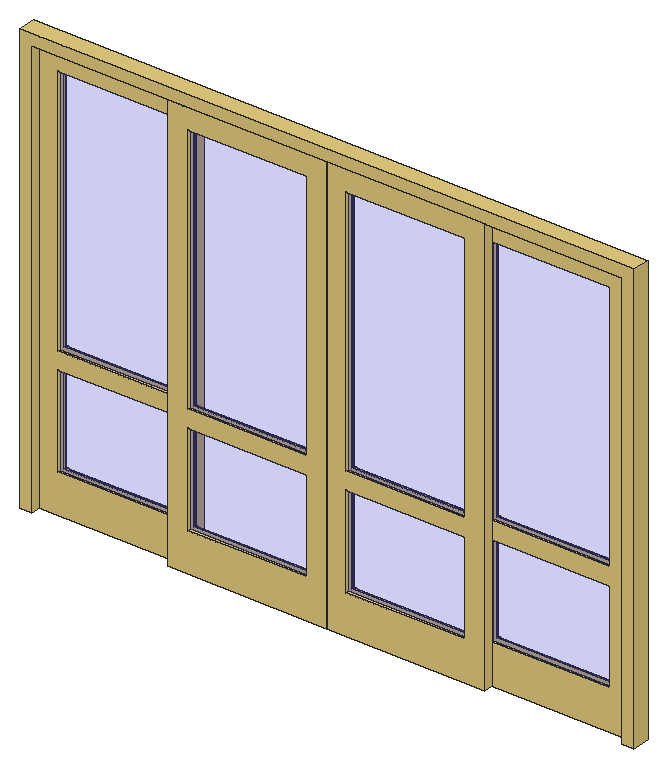
Revit family "DTI_A3-SDTPCO", category Doors, host Wall, Revit 2016
Family settings
  Host = Wall
  Always vertical = Yes
  Cut with Voids When Loaded = No
  Shared = No
  Room Calculation Point = No
Parameters (values of type "SDTPCO")
  Panel Width = ((Width - (Frame Width * 2)) / 4) + 52.3 mm  # 774.8 mm
  Panel Height = Height - Frame Width  # 2045 mm
  Height = 2100 mm
  Wall Closure = By host
  Width = 3000 mm
  Glass Material = Glass
  Function = Interior
  Frame Width = 55 mm
  Frame Thickness = 85 mm
  Frame Material = Kiln Dried Wood
Reference planes
  plane 1 "Center": y = 0
  plane 2 "Center (Left/Right)": x = 0
  plane 3 "Left": x = -1500
  plane 4 "Right": x = 1500
  plane 5: z = 2100
  plane 6 "Exterior": y = 75
  plane 7 "Interior": y = -75
  plane 8: x = -722.5
  plane 9: x = 722.5
  plane 10: x = -670.25
  plane 11: x = -774.75
  plane 12: x = 774.75
  plane 13: x = 670.25
  plane 14: x = 52.25
  plane 15: x = -52.25
  plane 16: y = 23
  plane 17: y = -23
  plane 18: x = -1057.625
  plane 19: x = -387.375
  plane 20: x = 387.375
  plane 21: x = 1057.625
  plane 22: x = -1445
  plane 23: x = 1445
Forms (mm)
  Sweep 1, solid, material "Kiln Dried Wood" <- "Frame Material"
    path origin (0, 0, 0) x (1, 0, 0) y (0, 0, 1)
      loop
        line (1500, 0) -> (1500, 2100) -> (-1500, 2100) -> (-1500, 0)
    profile origin (0, 0, 2100) x (0, 0, -1) y (0, -1, 0)
      loop
        line (0, -42.5) -> (55, -42.5) -> (55, 42.5) -> (0, 42.5) -> (0, -42.5)
Lines and regions (mm)
  Opening 1
    outline origin (-3050, -75, 0) x (1, 0, 0) y (0, 0, 1)
      loop
        line (1550, 0) -> (4550, 0) -> (4550, 2100) -> (1550, 2100) -> (1550, 0)
  symbolic lines
    curve 1: line (-497.529, 0, 1123.804) -> (-297.529, 0, 1123.804)
    curve 2: line (-497.529, 0, 1123.804) -> (-469.245, 0, 1152.089)
    curve 3: line (-497.529, 0, 1123.804) -> (-469.245, 0, 1095.52)
    curve 4: line (497.579, 0, 1123.804) -> (297.579, 0, 1123.804)
    curve 5: line (497.579, 0, 1123.804) -> (469.295, 0, 1152.089)
    curve 6: line (497.579, 0, 1123.804) -> (469.295, 0, 1095.52)
  symbolic lines, style "Plan Swing"
    curve 7: line (-487.375, 146.3, 0) -> (-287.375, 146.3, 0)
    curve 8: line (-487.375, 146.3, 0) -> (-459.091, 174.584, 0)
    curve 9: line (-487.375, 146.3, 0) -> (-459.091, 118.016, 0)
    curve 10: line (487.375, 146.3, 0) -> (287.375, 146.3, 0)
    curve 11: line (487.375, 146.3, 0) -> (459.091, 174.584, 0)
    curve 12: line (487.375, 146.3, 0) -> (459.091, 118.016, 0)
Text (mm)
  text "Exterior" at (-2295.016, 1099.543, 0), in view "Ref. Level"
  text "Exterior" at (0, 1615.38, 3698.081), in view "Left"
  text "Exterior" at (0, 1036.032, 3874.932), in view "Right"
Dimensions and locks
  equal spacing: plane 3 "Left", plane 2 "Center (Left/Right)", plane 4 "Right"
  "Width": plane 3 "Left" to plane 4 "Right"
  "Height": plane 5 to host wall
  locked: plane 6 "Exterior" to host wall at 0
  locked: plane 7 "Interior" to host wall
  equal spacing: plane 22, plane 8, plane 2 "Center (Left/Right)"
  equal spacing: plane 2 "Center (Left/Right)", plane 9, plane 23
  locked: plane 8 to plane 10 at 52.25
  locked: plane 8 to plane 11 at 52.25
  locked: plane 9 to plane 12 at 52.25
  locked: plane 9 to plane 13 at 52.25
  locked: plane 2 "Center (Left/Right)" to plane 14 at 52.25
  locked: plane 2 "Center (Left/Right)" to plane 15 at 52.25
  locked: plane 1 "Center" to plane 16 at 23
  locked: host wall to plane 17 at 23
  equal spacing: plane 2 "Center (Left/Right)", plane 20, plane 12
  equal spacing: plane 13, plane 21, plane 23
  equal spacing: plane 11, plane 19, plane 2 "Center (Left/Right)"
  equal spacing: plane 22, plane 18, plane 10
  "Frame Width": plane 3 "Left" to plane 22
  "Frame Width": plane 4 "Right" to plane 23
  "Frame Width": Sweep 1 sketch curve to Sweep 1 sketch curve
  equal spacing: Sweep 1 sketch curve, profile plane, Sweep 1 sketch curve
  "Frame Thickness": Sweep 1 sketch curve to Sweep 1 sketch curve
  aligned and locked: plane 3 "Left" to Opening 1 sketch curve
  aligned and locked: plane 5 to Opening 1 sketch curve  (x2)
  aligned and locked: Opening 1 sketch curve to plane 4 "Right"
  aligned and locked: Opening 1 sketch curve to level
  aligned and locked: plane 1 "Center" to host wall
  aligned and locked: plane 16 to nested 1
  aligned and locked: nested 4 to plane 17
  aligned and locked: nested 3 to plane 17
  aligned and locked: plane 16 to nested 2
  aligned and locked: nested 2 to plane 21
  aligned and locked: nested 3 to plane 20
  aligned and locked: nested 4 to plane 19
  aligned and locked: nested 1 to plane 18
  aligned and locked: level to Sweep 1 sketch curve  (x2)
  aligned and locked: Sweep 1 sketch curve to plane 3 "Left"
  aligned and locked: Sweep 1 sketch curve to plane 4 "Right"
  aligned and locked: plane 5 to Sweep 1 sketch curve
  aligned and locked: Sweep 1 sketch curve to profile plane
Automatic sketch dimensions
  curve 3 to plane 19 = 110.154 mm
  curve 1 to curve 2 = 28.284 mm
  curve 1 to curve 3 = 28.284 mm
  plane 19 to curve 1 = 89.846 mm
  plane 5 to curve 3 = 1004.48 mm
  curve 2 to curve 2 = 28.284 mm
  curve 4 to plane 20 = 89.796 mm
  plane 20 to curve 6 = 81.92 mm
  curve 5 to curve 6 = 0 mm
  curve 5 to curve 6 = 28.284 mm
  curve 6 to curve 1 = 28.284 mm
  curve 6 to curve 5 = 28.284 mm
  curve 9 to plane 19 = 100 mm
  curve 7 to curve 8 = 28.284 mm
  host wall to curve 9 = 43.016 mm
  curve 7 to curve 9 = 28.284 mm
  plane 19 to curve 7 = 100 mm
  curve 10 to plane 20 = 100 mm
  plane 20 to curve 12 = 71.716 mm
  curve 11 to curve 12 = 0 mm
  curve 12 to curve 12 = 28.284 mm  (x2)
  host wall to curve 12 = 43.016 mm
  curve 9 to curve 9 = 28.284 mm
Nested families
  nested 1: "L2" at (-1057.625, 23, 0) x (-1, 0, 0) z (0, 0, 1), type "L2", detail levels medium+fine
    with Width 774.8 mm, Height 2045 mm
  nested 2: "L2" at (1057.625, 23, 0) x (-1, 0, 0) z (0, 0, 1), type "L2", detail levels medium+fine
    with Width 774.8 mm, Height 2045 mm
  nested 3: "L2" at (387.375, -23, 0) x (-1, 0, 0) z (0, 0, 1), type "L2", detail levels medium+fine
    with Width 774.8 mm, Height 2045 mm
  nested 4: "L2" at (-387.375, -23, 0) x (-1, 0, 0) z (0, 0, 1), type "L2", detail levels medium+fine
    with Width 774.8 mm, Height 2045 mm
Definition of nested family "L2"
  Parameters
    Width = 813 mm
    Height = 2032 mm
    Glass Material = none
    Frame Material = none
  Reference planes
    plane 1 "Center (Front/Back)": y = 0
    plane 2: z = 0
    plane 3 "Center (Left/Right)": x = 0
    plane 4: x = -406.5
    plane 5: x = 406.5
    plane 6: z = 2032
    plane 7: z = 1972
    plane 8: z = 155
    plane 9: z = 677.333
    plane 10: z = 1354.667
  Forms (mm)
    Sweep 1, solid, material <- "Frame Material"
      path origin (0, 0, 0) x (1, 0, 0) y (0, 0, 1)
        loop
          line (-406.5, 0) -> (406.5, 0)
      profile "Glass B : Glass B" origin (0, 0, 0) x (0, 0, 1) y (0, -1, 0)
        loop
          line (0, -22) -> (191, -22) -> (191, -10) -> (155, -10) -> (155, 2) -> (200, 2) -> (200, 12) -> (198, 12)
          arc (198, 12) -> (195.657, 17.657) -> (190, 20) r 8
          line (190, 20) -> (190, 22) -> (0, 22) -> (0, -22)
    Sweep 2, solid, material <- "Frame Material"
      path origin (0, 0, 0) x (1, 0, 0) y (0, 0, 1)
        loop
          line (-406.5, 155) -> (-406.5, 2032) -> (406.5, 2032) -> (406.5, 155)
      profile "Glass T : Glass T" origin (0, 0, 2032) x (0, 0, 1) y (0, -1, 0)
        loop
          line (0, -22) -> (0, 22) -> (-95, 22) -> (-95, 20)
          arc (-95, 20) -> (-100.657, 17.657) -> (-103, 12) r 8
          line (-103, 12) -> (-105, 12) -> (-105, 2) -> (-60, 2) -> (-60, -10) -> (-96, -10) -> (-96, -22) -> (0, -22)
    Extrusion 3, solid, material <- "Glass Material"
      sketch origin (0, 0, 0) x (1, 0, 0) y (0, 1, 0)
        loop
          line (-346.5, 10) -> (-346.5, -2) -> (346.5, -2) -> (346.5, 10) -> (-346.5, 10)
      from 155 to 1972
    Sweep 4, solid, material <- "Frame Material"
      path origin (0, 0, 0) x (1, 0, 0) y (0, 0, 1)
        loop
          line (-406.5, 677.333) -> (406.5, 677.333)
      profile "Glass M : Glass M" origin (0, 0, 677.333) x (0, 0, 1) y (0, -1, 0)
        loop
          line (40.25, 22) -> (-40.25, 22) -> (-40.25, 20)
          arc (-40.25, 20) -> (-45.907, 17.657) -> (-48.25, 12) r 8
          line (-48.25, 12) -> (-50.25, 12) -> (-50.25, 2) -> (-5.25, 2) -> (-5.25, -10) -> (-41.25, -10) -> (-41.25, -22) -> (41.25, -22) -> (41.25, -10) -> (5.25, -10) -> (5.25, 2) -> (50.25, 2) -> (50.25, 12) -> (48.25, 12)
          arc (48.25, 12) -> (45.907, 17.657) -> (40.25, 20) r 8
          line (40.25, 20) -> (40.25, 22)
  Cuts and joins
    joined: Sweep 1, Sweep 2, Sweep 4
  Dimensions and locks
    equal spacing: plane 4, plane 3 "Center (Left/Right)", plane 5
    "Width": plane 4 to plane 5
    "Height": plane 6 to level
    locked: plane 8 to level at 155
    locked: plane 6 to plane 7 at 60
    equal spacing: plane 6, plane 10, plane 9, level
    aligned and locked: plane 4 to Sweep 1 sketch curve
    aligned and locked: plane 5 to Sweep 1 sketch curve
    aligned and locked: Sweep 1 sketch curve to level
    aligned and locked: plane 8 to Sweep 2 sketch curve  (x2)
    aligned and locked: Sweep 2 sketch curve to plane 6
    aligned and locked: plane 4 to Sweep 2 sketch curve
    aligned and locked: plane 5 to Sweep 2 sketch curve
    aligned and locked: cut or joined group of Sweep 1, Sweep 2, Sweep 4 to Extrusion 3 sketch curve
    aligned and locked: Extrusion 3 sketch curve to cut or joined group of Sweep 1, Sweep 2, Sweep 4  (x3)
    aligned and locked: plane 7 to Extrusion 3
    aligned and locked: Extrusion 3 to plane 8
    aligned and locked: plane 4 to Sweep 4 sketch curve
    aligned and locked: plane 5 to Sweep 4 sketch curve
    aligned and locked: Sweep 4 sketch curve to plane 9
